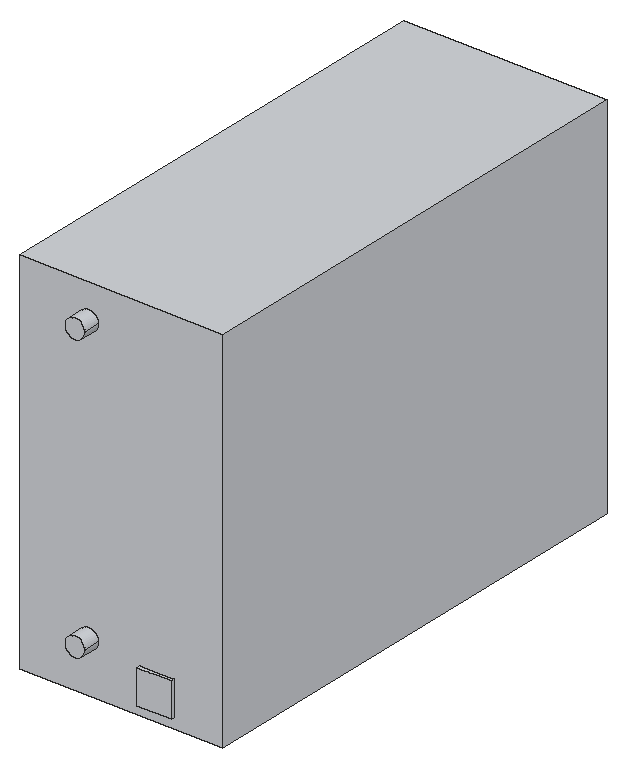
Revit family "Unidade de condensador - Sistema Split AC - 1-4 kW", category Equipamento mecânico, Revit 2019
Family settings
  Cota do conector redondo = Usar raio
  Tipo de parte = Normal
  ID de item do Seek = Air Handling Unit - Split System - Horizontal-0000-CAN-ENU
  Com base no plano de trabalho = Não
  Sempre na vertical = Sim
  Corte com vazios quando carregada = Não
  Compartilhado = Não
  Ponto de cálculo do ambiente = Não
Parameters (values of type "Padrão")
  Largura = 296 mm
  Watts = 0 W
  Voltagem = 230 V
  Corrente nominal = 0.0 A
  Deslocamento da lâmina = Largura da grelha de descarga / 8  # 55.125 mm
  Classificação de carga = Refrigeração
  Largura da grelha de descarga = 441 mm
  Altura da grelha de descarga = Altura - 100 mm  # 441 mm
  Capacidade de refrigeração = 34400 Btu/h
  Material da unidade condensadora = none
  Número de pólos = 1
  Comprimento = 700 mm
  Altura = 541 mm
  Raio DX = 14 mm
  Diâmetro DX = Raio DX * 2  # 28 mm
  Assembly Code = ""
  Carga aparente = 516 VA
  Fluxo de ar [instance] = 0.0 m³/h
Reference planes
  plane 1 "Parte frontal": y = 0
  plane 2: z = 0
  plane 3 "Esquerda": x = 0
  plane 4 "Parte posterior": y = 700
  plane 5: z = 541
  plane 6: z = 40.447
  plane 7: x = 200
  plane 8 "Centro (Frente/Trás)": y = 350
  plane 9 "Direita": x = 296
  plane 10 "Topo da elétrica": z = 65.447
  plane 11 "Parte inferior da elétrica": z = 15.447
  plane 12: x = 225
  plane 13: x = 175
  plane 14: x = 100
  plane 15 "Parte inferior do DX": z = 75
  plane 16 "Topo DX": z = 491
  plane 17 "Centro X": z = 270.5
  plane 18 "Esquerda da grelha": y = 650
  plane 19 "Direita da grelha": y = 209
  plane 20 "Topo da grelha": z = 491
  plane 21: z = 50
  plane 22: x = 148
Forms (mm)
  Extrusion 1, solid, material <- "Material da unidade condensadora"
    sketch origin (0, 0, 0) x (1, 0, 0) y (0, 1, 0)
      loop
        line (0, 700) -> (0, 0) -> (296, 0) -> (296, 700) -> (0, 700)
    from 0 to 541
  Extrusion 2, solid, material <- "Material da unidade condensadora"
    sketch origin (0, 0, 0) x (1, 0, 0) y (0, 0, 1)
      loop
        line (175, 65.447) -> (175, 15.447) -> (225, 15.447) -> (225, 65.447) -> (175, 65.447)
    from 0 to 5
  Extrusion 3, solid, material <- "Material da unidade condensadora"
    sketch origin (0, 0, 0) x (1, 0, 0) y (0, 0, 1)
      loop
        circle (100, 75) r 14
      loop
        circle (100, 491) r 14
    from 0 to 25
Lines and regions (mm)
  model lines
    curve 1: line (0, 650, 491) -> (0, 209, 491)
    curve 2: line (0, 650, 50) -> (0, 650, 491)
    curve 3: line (0, 209, 50) -> (0, 650, 50)
    curve 4: line (0, 209, 491) -> (0, 209, 50)
    curve 5: line (0, 594.875, 435.875) -> (0, 264.125, 435.875)
    curve 6: line (0, 594.875, 105.125) -> (0, 594.875, 435.875)
    curve 7: line (0, 264.125, 105.125) -> (0, 594.875, 105.125)
    curve 8: line (0, 264.125, 435.875) -> (0, 264.125, 105.125)
    curve 9: line (0, 539.75, 380.75) -> (0, 319.25, 380.75)
    curve 10: line (0, 539.75, 160.25) -> (0, 539.75, 380.75)
    curve 11: line (0, 319.25, 160.25) -> (0, 539.75, 160.25)
    curve 12: line (0, 319.25, 380.75) -> (0, 319.25, 160.25)
    curve 13: line (0, 484.625, 325.625) -> (0, 374.375, 325.625)
    curve 14: line (0, 484.625, 215.375) -> (0, 484.625, 325.625)
    curve 15: line (0, 374.375, 215.375) -> (0, 484.625, 215.375)
    curve 16: line (0, 374.375, 325.625) -> (0, 374.375, 215.375)
Dimensions and locks
  "Comprimento": plane 1 "Parte frontal" to plane 4 "Parte posterior"
  plane 6 to level = 40.447 mm
  equal spacing: plane 4 "Parte posterior", plane 8 "Centro (Frente/Trás)", plane 1 "Parte frontal"
  locked: plane 13 to plane 12 at 50
  locked: plane 10 "Topo da elétrica" to plane 11 "Parte inferior da elétrica" at 50
  equal spacing: plane 10 "Topo da elétrica", plane 6, plane 11 "Parte inferior da elétrica"
  equal spacing: plane 12, plane 7, plane 13, locked at 25 each
  locked: plane 14 to plane 3 "Esquerda" at 100
  equal spacing: plane 5, plane 17 "Centro X", plane 2
  "Altura": plane 5 to plane 2
  locked: plane 5 to plane 16 "Topo DX" at 50
  locked: plane 15 "Parte inferior do DX" to plane 2 at 75
  "Largura": plane 3 "Esquerda" to plane 9 "Direita"
  locked: plane 7 to plane 14 at 100
  equal spacing: plane 20 "Topo da grelha", plane 17 "Centro X", plane 21
  "Altura da grelha de descarga": plane 20 "Topo da grelha" to plane 21
  locked: plane 4 "Parte posterior" to plane 18 "Esquerda da grelha" at 50
  "Largura da grelha de descarga": plane 18 "Esquerda da grelha" to plane 19 "Direita da grelha"
  "Deslocamento da lâmina": curve 2 to curve 6
  "Deslocamento da lâmina": curve 8 to curve 4
  "Deslocamento da lâmina": curve 7 to curve 3
  "Deslocamento da lâmina": curve 5 to curve 1
  "Deslocamento da lâmina": curve 9 to curve 5
  "Deslocamento da lâmina": curve 11 to curve 7
  "Deslocamento da lâmina": curve 6 to curve 10
  "Deslocamento da lâmina": curve 12 to curve 8
  "Deslocamento da lâmina": curve 15 to curve 11
  "Deslocamento da lâmina": curve 10 to curve 14
  "Deslocamento da lâmina": curve 16 to curve 12
  "Deslocamento da lâmina": curve 13 to curve 9
  equal spacing: plane 3 "Esquerda", plane 22, plane 9 "Direita"
  "Raio DX": radius of Extrusion 3 sketch curve  (x2)
  aligned and locked: plane 3 "Esquerda" to Extrusion 1 sketch curve
  aligned and locked: Extrusion 1 sketch curve to plane 4 "Parte posterior"
  aligned and locked: plane 1 "Parte frontal" to Extrusion 1 sketch curve
  aligned and locked: plane 5 to Extrusion 1
  aligned and locked: plane 9 "Direita" to Extrusion 1
  aligned and locked: Extrusion 2 to plane 11 "Parte inferior da elétrica"
  aligned and locked: plane 10 "Topo da elétrica" to Extrusion 2
  aligned and locked: plane 13 to Extrusion 2
  aligned and locked: plane 12 to Extrusion 2
  aligned and locked: plane 16 "Topo DX" to Extrusion 3 sketch curve
  aligned and locked: plane 14 to Extrusion 3 sketch curve  (x2)
  aligned and locked: plane 15 "Parte inferior do DX" to Extrusion 3 sketch curve
  aligned and locked: Extrusion 1 to plane 5
  aligned and locked: curve 1 to plane 20 "Topo da grelha"
  aligned and locked: curve 2 to plane 18 "Esquerda da grelha"
  aligned and locked: plane 19 "Direita da grelha" to curve 4
  aligned and locked: plane 21 to curve 3
Automatic sketch dimensions
  plane 7 to Extrusion 2 sketch curve = 25 mm
  Extrusion 2 sketch curve to plane 6 = 25 mm
  Extrusion 2 sketch curve to Extrusion 2 sketch curve = 50 mm
  Extrusion 2 sketch curve to plane 7 = 25 mm
  Extrusion 1 sketch curve to plane 9 "Direita" = 0 mm
Connectors
  piping at (100, -25, 75), diameter 28, driven by "Raio DX"
    settings: on Extrusion 3, index 9, connector inside diameter 28 mm, connector length 0 mm, flow factor 0, pipe flow 0.0 L/s, pressure drop 0.0 Pa, fitting loss kfactor 0, connector angle 0.00°, fixture units 0, engagement length 0 mm, angle of deflection 0.00°, flow configuration 1, flow direction 1, fitting loss method 0, system type 22, joint type 0, gender type 0, connector reference index 10, connector utility 0, adjustable connector no, is connector primary yes, connector description "Entrada do refrigerante"
  piping at (100, -25, 491), diameter 28, driven by "Raio DX"
    settings: on Extrusion 3, index 10, connector inside diameter 28 mm, connector length 0 mm, flow factor 0, pipe flow 0.0 L/s, pressure drop 0.0 Pa, fitting loss kfactor 0, connector angle 0.00°, fixture units 0, engagement length 0 mm, angle of deflection 0.00°, flow configuration 1, flow direction 2, fitting loss method 0, system type 22, joint type 0, gender type 0, connector reference index 9, connector utility 0, adjustable connector no, is connector primary no, connector description "Saída do refrigerante"
  electrical at (200, -5, 40.447), driven by "Número de pólos", driven by "Classificação de carga", driven by "Voltagem", driven by "Carga aparente"
    settings: on Extrusion 2, index 13, voltage 230 V, apparent load 516 VA, apparent load phase1 0 VA, apparent load phase2 0 VA, apparent load phase3 0 VA, power factor 0.8, load classification "Refrigeração", number of poles 1, system type 30, power factor state 1, is connector primary yes, connector utility no, sub classification motor no, connector description "Potência"
Types in the file's own list only (5): name | Largura | Watts | Corrente nominal | Deslocamento da lâmina | Altura da grelha de descarga | Capacidade de refrigeração | Comprimento | Altura
  12000 Btu/h | 296 mm | 1289 W | 5.9 A | 55 mm | 431 mm | 12000 Btu/h | 700 mm | 531 mm
  18000 Btu/h | 380 mm | 2167 W | 9.9 A | 55 mm | 592 mm | 18000 Btu/h | 830 mm | 692 mm
  24000 Btu/h | 380 mm | 2651 W | 12.1 A | 55 mm | 592 mm | 24000 Btu/h | 830 mm | 692 mm
  30000 Btu/h | 380 mm | 3575 W | 16.3 A | 55 mm | 592 mm | 30000 Btu/h | 830 mm | 692 mm
  36000 Btu/h | 360 mm | 4323 W | 19.7 A | 55 mm | 695 mm | 36000 Btu/h | 1076 mm | 795 mm
